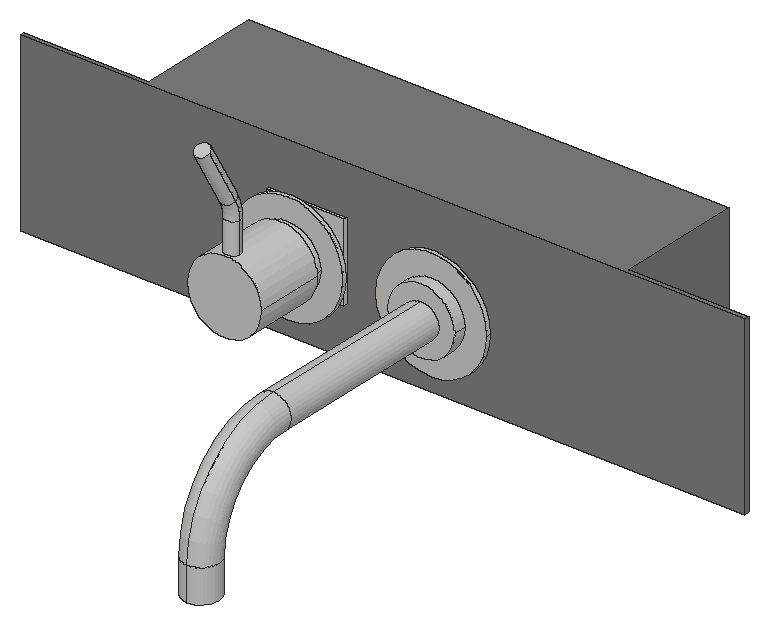
Revit family "111M", category Plumbing Fixtures, Revit 2021
Family settings
  Round Connector Dimension = Use Diameter
  Part Type = Normal
  Work Plane-Based = No
  Always vertical = Yes
  Cut with Voids When Loaded = No
  Shared = No
  Room Calculation Point = No
Parameters
  e-mail = "info@vola.com"
  URL = "http://vola.com"
  Telephone = "+45 7023 5500"
  Quality management standard = "ISO 9001"
  Organisation no. / DUNS no. = "17531328"
  Occupational health and safety management standard = "ISO 18001"
  Mounting Instructions = "http://vola.com/service/producturl.ashx?name=111M"
  Model = "111M"
  Mixer Offset [instance] = 12.00 mm
  Mixer = yes
  Materials and components information = "http://vola.com/service/producturl.ashx?name=111M"
  Manufacturer = "VOLA A/S"
  Maintenance Instructions = "http://vola.com/service/producturl.ashx?name=111M"
  Guarantee = "2 years"
  Flow = "5,00 l/min"
  Environmental management standard = "ISO 14000"
  Default Elevation = 0.00 mm
  Connection - All relevant connections = "½\" for water connection"
  Approvals = "http://vola.com/service/producturl.ashx?name=111M"
Reference planes
  plane 1 "Center (Front/Back)": y = 0
  plane 2: z = 0
  plane 3 "Center (Left/Right)": x = 0
  plane 4 "Mixer plane": y = 12
  plane 5 "Wall Surface": y = 0
Forms (mm)
  Extrusion 1, solid, material "Stainless Steel", visible <- "Mixer"
    sketch origin (16.5, 10, 0) x (0, 0, 1) y (-1, 0, 0)
      loop
        circle (0, 16.5) r 16.5
    from 0 to 10
  Extrusion 2, solid, material "Stainless Steel", visible <- "Mixer"
    sketch origin (-99, 10, 21) x (-1, 0, 0) y (0, 0, -1)
      loop
        circle (-21, 21) r 19.5
    from 0 to 10
Dimensions and locks
  "Mixer Offset": plane 4 "Mixer plane" to plane 1 "Center (Front/Back)"
  aligned and locked: plane 2 to level
  aligned and locked: nested 2 to nested 2
  aligned and locked: nested 4 to plane 1 "Center (Front/Back)"
  aligned and locked: nested 5 to plane 1 "Center (Front/Back)"
  aligned and locked: nested 1 to plane 4 "Mixer plane"
  aligned and locked: plane 1 "Center (Front/Back)" to Extrusion 1
  aligned and locked: plane 1 "Center (Front/Back)" to Extrusion 2
Automatic sketch dimensions
  Extrusion 2 sketch curve to Extrusion 2 sketch curve = 0.00 mm  (x2)
  Extrusion 2 sketch curve to nested 1 = 1.50 mm
  Extrusion 2 sketch curve to nested 1 = 21.00 mm
  Extrusion 2 sketch curve to Extrusion 2 sketch curve = 19.50 mm
  radius of Extrusion 1 sketch curve to nested 1 = 0.00 mm
Nested families
  nested 1: "100" at (-39, 82.5, -70), visible <- "Mixer", type "100"
  nested 2: "NR28M" at (-78, -2, 0), type "NR28M"
  nested 3: "010" at (0, -2, 0), type "010"
  nested 4: "001" at (0, 0, 0) x (-1, 0, 0) z (0, -1, 0), type "001"
  nested 5: "3001" at (-78, 0, 0) x (0, 0, 1) z (0, -1, 0), type "3001"
Connectors
  piping at (-105, 57.5, -70), diameter 28
    settings: on nested 1, index 1, connector inside diameter 1.10236", connector length 0.00 mm, flow factor 0, pipe flow 0 GPM, pressure drop 0.00 psi, fitting loss kfactor 0, connector angle 0.00°, fixture units 0, engagement length 0.00 mm, angle of deflection 0.00°, flow configuration 0, flow direction 1, fitting loss method 0, system type 19, joint type 0, gender type 0, connector reference index -1, connector utility 0, adjustable connector no, is connector primary yes, connector description ""
  piping at (-51, 57.5, -70), diameter 28
    settings: on nested 1, index 2, connector inside diameter 1.10236", connector length 0.00 mm, flow factor 0, pipe flow 0 GPM, pressure drop 0.00 psi, fitting loss kfactor 0, connector angle 0.00°, fixture units 0, engagement length 0.00 mm, angle of deflection 0.00°, flow configuration 0, flow direction 1, fitting loss method 0, system type 20, joint type 0, gender type 0, connector reference index -1, connector utility 0, adjustable connector no, is connector primary no, connector description ""
Definition of nested family "100"
  Parameters
    e-mail = "info@vola.com"
    URL = "http://vola.com"
    Telephone = "+45 7023 5500"
    Quality management standard = "ISO 9001"
    Organisation no. / DUNS no. = "17531328"
    Occupational health and safety management standard = "ISO 18001"
    Mounting Instructions = "http://vola.com/service/producturl.ashx?name=100"
    Model = "100"
    Materials and components information = "http://vola.com/service/producturl.ashx?name=100"
    Manufacturer = "VOLA A/S"
    Maintenance Instructions = "http://vola.com/service/producturl.ashx?name=100"
    Guarantee = "2 years"
    Flow = "18,00 l/min"
    Environmental management standard = "ISO 14000"
    Default Elevation = 0.00 mm
    Connection - All relevant connections = ""
    Approvals = "http://vola.com/service/producturl.ashx?name=100"
  Reference planes
    plane 1 "Center (Front/Back)": y = 0
    plane 2: z = 0
    plane 3 "Center (Left/Right)": x = 0
    plane 4 "Front Plane": y = -72.5
    plane 5 "Inlet Center Plane": y = -25
    plane 6: z = 70
  Forms (mm)
    Extrusion 1, solid
      sketch origin (0, 0, 1) x (1, 0, 0) y (0, 0, 1)
        loop
          circle (39, 69) r 16.5
      from 70.5 to 72.5
    Extrusion 2, solid
      sketch origin (1032.5, -2.5, 1) x (-1, 0, 0) y (0, 0, -1)
        loop
          line (1092.5, -90) -> (1092.5, -48) -> (1050.5, -48) -> (1050.5, -90) -> (1092.5, -90)
      from 68 to 70
    Extrusion 3, solid
      sketch origin (0, 0, 1) x (1, 0, 0) y (0, 1, 0)
        loop
          line (-127.5, 0) -> (-127.5, -68) -> (132.5, -68) -> (132.5, 0) -> (-127.5, 0)
      from 21.5 to 116.5
    Extrusion 4, solid
      sketch origin (0, 0, 22.5) x (0, 1, 0) y (1, 0, 0)
        loop
          circle (-25, -12) r 14
      from 0 to 22.5
    Extrusion 5, solid
      sketch origin (-54, 0, 22.5) x (0, 1, 0) y (1, 0, 0)
        loop
          circle (-25, -12) r 14
      from 0 to 22.5
    Extrusion 6, solid
      sketch origin (0, 0, 1) x (1, 0, 0) y (0, 1, 0)
        loop
          line (-195, -68) -> (-195, -70.5) -> (197.5, -70.5) -> (197.5, -68) -> (-195, -68)
      from 21.5 to 116.5
  Cuts and joins
    joined: Extrusion 3, Extrusion 6
  Lines and regions (mm)
    reference lines
      curve 1: line (-39, -25, 70) -> (-39, -122.5, 70)
      curve 2: line (39, -25, 70) -> (39, -122.5, 70)
      curve 3: line (-66, -25, 70) -> (-66, -25, -29)
      curve 4: line (-12, -25, 70) -> (-12, -25, -29)
  Dimensions and locks
    aligned and locked: plane 2 to level
    aligned and locked: plane 6 to curve 4
    aligned and locked: plane 6 to curve 3
    aligned and locked: Extrusion 3 to Extrusion 6
    aligned and locked: Extrusion 6 to Extrusion 3
Definition of nested family "NR28M"
  Parameters
    e-mail = "info@vola.com"
    URL = "http://vola.com"
    Telephone = "+45 7023 5500"
    Quality management standard = "ISO 9001"
    Organisation no. / DUNS no. = "17531328"
    Occupational health and safety management standard = "ISO 18001"
    Mounting Instructions = "http://vola.com/service/producturl.ashx?name=NR28M"
    Model = "NR28M"
    Materials and components information = "http://vola.com/service/producturl.ashx?name=NR28M"
    Manufacturer = "VOLA A/S"
    Maintenance Instructions = "http://vola.com/service/producturl.ashx?name=NR28M"
    Guarantee = "2 years"
    Environmental management standard = "ISO 14000"
    Default Elevation = 0.00 mm
    Connection - All relevant connections = ""
    Approvals = "http://vola.com/service/producturl.ashx?name=NR28M"
  Reference planes
    plane 1 "Center (Front/Back)": y = 0
    plane 2: z = 0
    plane 3 "Center (Left/Right)": x = 0
  Forms (mm)
    Extrusion 1, solid
      sketch origin (0, 0, 0) x (1, 0, 0) y (0, 0, 1)
        loop
          circle (0, 0) r 20
      from 5 to 42.5
    Extrusion 2, solid
      sketch origin (0, 0, 0) x (1, 0, 0) y (0, 0, 1)
        loop
          circle (0, 0) r 18
      from 0 to 5
    Sweep 3, solid
      path origin (0, 1.5, 0) x (0, 1, 0) y (0, 0, 1)
        loop
          line (-38.75, 0) -> (-38.75, 36.379)
          arc (-38.75, 36.379) -> (-39.483, 41.944) -> (-41.63, 47.129) r 21.5
          line (-41.63, 47.129) -> (-59.13, 77.44)
      profile origin (0, -37.25, 18.19) x (0, -1, 0) y (1, 0, 0)
        loop
          circle (0, 0) r 4
  Cuts and joins
    joined: Extrusion 1, Sweep 3
  Lines and regions (mm)
    model lines
      curve 1: line (6.05, -42.5, 19.141) -> (6.05, -42.5, -19.141)
      curve 2: line (-6.05, -42.5, 19.141) -> (-6.05, -42.5, -19.141)
  Dimensions and locks
    aligned and locked: plane 2 to level
Definition of nested family "010"
  Parameters
    e-mail = "info@vola.com"
    URL = "http://vola.com"
    Telephone = "+45 7023 5500"
    Quality management standard = "ISO 9001"
    Organisation no. / DUNS no. = "17531328"
    Occupational health and safety management standard = "ISO 18001"
    Mounting Instructions = "http://vola.com/service/producturl.ashx?name=010"
    Model = "010"
    Materials and components information = "http://vola.com/service/producturl.ashx?name=010"
    Manufacturer = "VOLA A/S"
    Maintenance Instructions = "http://vola.com/service/producturl.ashx?name=010"
    Guarantee = "2 years"
    Flow = "0 l/min"
    Environmental management standard = "ISO 14000"
    Default Elevation = 0.00 mm
    Connection - All relevant connections = ""
    Approvals = "http://vola.com/service/producturl.ashx?name=010"
  Reference planes
    plane 1 "Center (Front/Back)": y = 0
    plane 2: z = 0
    plane 3 "Center (Left/Right)": x = 0
  Forms (mm)
    Extrusion 1, solid
      sketch origin (0, 0, 0) x (1, 0, 0) y (0, 0, 1)
        loop
          circle (0, 0) r 18
      from 0 to 7
    Sweep 2, solid
      path origin (0, 0, 0) x (0, 1, 0) y (0, 0, 1)
        loop
          line (-7, 0) -> (-107, 0)
          arc (-107, 0) -> (-141.648, -14.352) -> (-156, -49) r 49
      profile origin (0, -141.648, -14.352) x (0, 0.707107, -0.707107) y (1, 0, 0)
        loop
          circle (0, 0) r 9.5
    Extrusion 3, solid
      sketch origin (0, -156, -49) x (0, -1, 0) y (-1, 0, 0)
        loop
          circle (0, 0) r 9.5
      from 0 to 18
  Dimensions and locks
    aligned and locked: plane 2 to level
Definition of nested family "001"
  Parameters
    e-mail = "info@vola.com"
    URL = "http://vola.com"
    Telephone = "+45 7023 5500"
    Quality management standard = "ISO 9001"
    Organisation no. / DUNS no. = "17531328"
    Occupational health and safety management standard = "ISO 18001"
    Mounting Instructions = "http://vola.com/service/producturl.ashx?name=001"
    Model = "001"
    Materials and components information = "http://vola.com/service/producturl.ashx?name=001"
    Manufacturer = "VOLA A/S"
    Maintenance Instructions = "http://vola.com/service/producturl.ashx?name=001"
    Guarantee = "2 years"
    Environmental management standard = "ISO 14000"
    Default Elevation = 1219.20 mm
    Connection - All relevant connections = ""
    Approvals = "http://vola.com/service/producturl.ashx?name=001"
  Reference planes
    plane 1 "Center (Front/Back)": y = 0
    plane 2: z = 0
    plane 3 "Center (Left/Right)": x = 0
  Forms (mm)
    Extrusion 1, solid
      sketch origin (0, 0, 0) x (1, 0, 0) y (0, 1, 0)
        loop
          circle (0, 0) r 16.5
        loop
          circle (0, 0) r 30
      from 0 to 2
  Dimensions and locks
    aligned and locked: plane 2 to level
Definition of nested family "3001"
  Parameters
    e-mail = "info@vola.com"
    URL = "http://vola.com"
    Telephone = "+45 7023 5500"
    Quality management standard = "ISO 9001"
    Organisation no. / DUNS no. = "17531328"
    Occupational health and safety management standard = "ISO 18001"
    Mounting Instructions = "http://vola.com/service/producturl.ashx?name=3001"
    Model = "3001"
    Materials and components information = "http://vola.com/service/producturl.ashx?name=3001"
    Manufacturer = "VOLA A/S"
    Maintenance Instructions = "http://vola.com/service/producturl.ashx?name=3001"
    Guarantee = "2 years"
    Environmental management standard = "ISO 14000"
    Default Elevation = 1219.20 mm
    Connection - All relevant connections = ""
    Approvals = "http://vola.com/service/producturl.ashx?name=3001"
  Reference planes
    plane 1 "Center (Front/Back)": y = 0
    plane 2: z = 0
    plane 3 "Center (Left/Right)": x = 0
  Forms (mm)
    Extrusion 1, solid
      sketch origin (0, 0, 0) x (1, 0, 0) y (0, 1, 0)
        loop
          circle (0, 0) r 18
        loop
          circle (0, 0) r 30
      from 0 to 2
  Dimensions and locks
    aligned and locked: plane 2 to level
